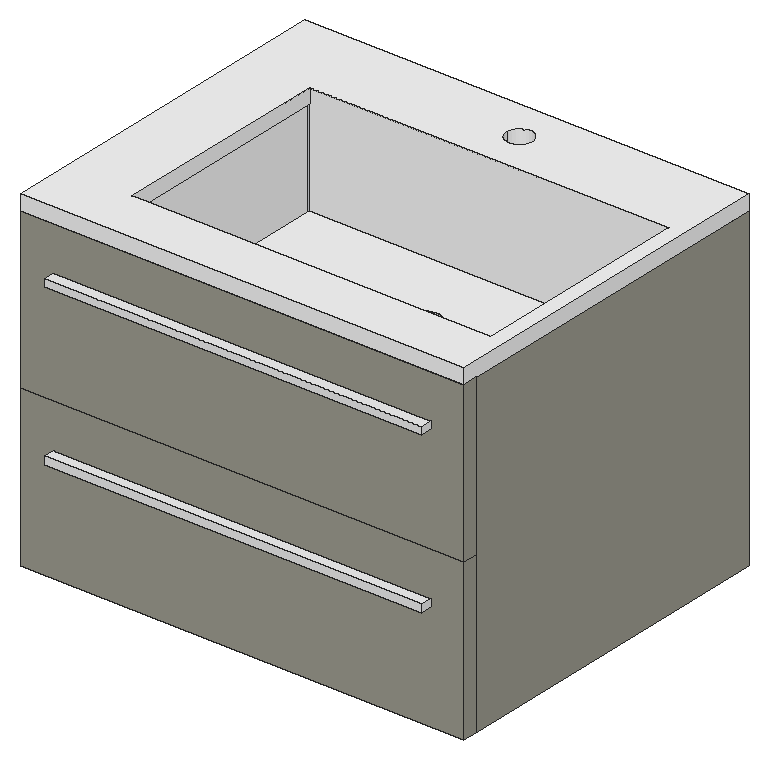
Revit family "MUEBLE SENSE 600 BRUSHED GREY", category Generic Models, Revit 2019
Family settings
  Can host rebar = No
  Round Connector Dimension = Use Diameter
  Part Type = Normal
  Work Plane-Based = No
  Always vertical = Yes
  Cut with Voids When Loaded = No
  Shared = No
  Room Calculation Point = No
Parameters (values of type "ORANS Mueble Orlando Fume (MFC 034) 060,5cm ancho")
  URL = ""
  Profundidad receptáculo = 150 mm
  Prof lavamanos = 300 mm
  Prof borde cub trasero = 110 mm
  Model = ""
  Material tirador = Acero semi pulido
  Material frentes = BLANCO
  Material cubierta = Loza blanco brillo
  Material costados = BLANCO
  Manufacturer = ""
  Largo = 800 mm
  Largo receptáculo = if(Largo = 605 mm, 426 mm, 460 mm)  # 460 mm
  Description = ""
  Ancho tirador = 600 mm
  Ancho borde cub = 155 mm
  Ancho = 480 mm
  Amcho borde cub [instance] = 70 mm
  Alto [instance] = 450 mm
  ANCHO BORDE CUB [instance] = 70 mm
Types (12, lengths in mm): name | Prof lavamanos | Prof borde cub trasero | Material frentes | Material costados | Largo | Largo receptáculo | Ancho tirador | Ancho borde cub | Ancho | Alto
  ORANS Mueble Orlando Fume (MFC 034) 060,5cm ancho | 300 | 110 | BLANCO | BLANCO | 800 | 460 | 600 | 155 | 480 | 450
  ORANS Mueble Orlando Fume (MFC 034) 070,5cm ancho | 275 | 115 | Fume (MFC 034) horizontal | Fume (MFC 034) vertical | 705 | 460 | 250 | 70 | 465 | 570
  ORANS Mueble Orlando Fume (MFC 034) 080,5cm ancho | 275 | 115 | Fume (MFC 034) horizontal | Fume (MFC 034) vertical | 805 | 460 | 250 | 70 | 465 | 570
  ORANS Mueble Orlando Fume (MFC 034) 100,5cm ancho | 275 | 115 | Fume (MFC 034) horizontal | Fume (MFC 034) vertical | 1050 | 460 | 250 | 70 | 465 | 570
  ORANS Mueble Orlando Haya Light (MFC 030) 060,5cm ancho | 275 | 115 | Haya Light (MFC 030) horizontal | Haya Light (MFC 030) vertical | 605 | 426 | 250 | 70 | 465 | 570
  ORANS Mueble Orlando Haya Light (MFC 030) 070,5cm ancho | 275 | 115 | Haya Light (MFC 030) horizontal | Haya Light (MFC 030) vertical | 705 | 460 | 250 | 70 | 465 | 570
  ORANS Mueble Orlando Haya Light (MFC 030) 080,5cm ancho | 275 | 115 | Haya Light (MFC 030) horizontal | Haya Light (MFC 030) vertical | 805 | 460 | 250 | 70 | 465 | 570
  ORANS Mueble Orlando Haya Light (MFC 030) 100,5cm ancho | 275 | 115 | Haya Light (MFC 030) horizontal | Haya Light (MFC 030) vertical | 1050 | 460 | 250 | 70 | 465 | 570
  ORANS Mueble Orlando Oak 1 (MFC 005) 060,5cm ancho | 275 | 115 | Oak1 (MFC 005) horizontal | Oak1 (MFC 005) vertical | 605 | 426 | 250 | 70 | 465 | 570
  ORANS Mueble Orlando Oak 1 (MFC 005) 070,5cm ancho | 275 | 115 | Oak1 (MFC 005) horizontal | Oak1 (MFC 005) vertical | 705 | 460 | 250 | 70 | 465 | 570
  ORANS Mueble Orlando Oak 1 (MFC 005) 080,5cm ancho | 275 | 115 | Oak1 (MFC 005) horizontal | Oak1 (MFC 005) vertical | 805 | 460 | 250 | 70 | 465 | 570
  ORANS Mueble Orlando Oak 1 (MFC 005) 100,5cm ancho | 275 | 115 | Oak1 (MFC 005) horizontal | Oak1 (MFC 005) vertical | 1050 | 460 | 250 | 70 | 465 | 570
Reference planes
  plane 1 "Center (Front/Back)": y = 0
  plane 2: z = 0
  plane 3 "Center (Left/Right)": x = 0
  plane 4: z = 430
  plane 5: z = 450
  plane 6: z = 215
Forms (mm)
  Extrusion 1, solid, material "Loza blanco brillo" <- "Material cubierta"
    sketch origin (0, 0, 0) x (1, 0, 0) y (0, 1, 0)
      loop
        line (-300, -480) -> (300, -480) -> (300, 0) -> (-300, 0) -> (-300, -480)
      loop
        line (-205, -110) -> (-205, -410) -> (280, -410) -> (280, -110) -> (-205, -110)
      loop
        circle (35, -55) r 17.5
    from 430 to 450
  Extrusion 2, solid, material "Loza blanco brillo" <- "Material cubierta"
    sketch origin (0, 0, 0) x (1, 0, 0) y (0, 1, 0)
      loop
        line (-205, -100) -> (-205, -420) -> (280, -420) -> (280, -100) -> (-205, -100)
      loop
        circle (35, -220) r 22.5
    from 290 to 430
  Extrusion 3, void
    sketch origin (0, 0, 0) x (1, 0, 0) y (0, 1, 0)
      loop
        line (-205, -110) -> (-205, -410) -> (280, -410) -> (280, -110) -> (-205, -110)
    from 300 to 430
  Extrusion 4, solid, material "BLANCO" <- "Material costados"
    sketch origin (0, 0, 0) x (1, 0, 0) y (0, 1, 0)
      loop
        line (-300, 0) -> (-300, -460) -> (-280.728, -460) -> (-280.728, 0) -> (-300, 0)
    from 0 to 430
  Extrusion 5, solid, material "BLANCO" <- "Material costados"
    sketch origin (590, 0, 0) x (1, 0, 0) y (0, 1, 0)
      loop
        line (-310, 0) -> (-310, -460) -> (-290, -460) -> (-290, 0) -> (-310, 0)
    from 0 to 430
  Extrusion 6, solid, material "BLANCO" <- "Material frentes"
    sketch origin (0, 0, 0) x (1, 0, 0) y (0, 0, 1)
      loop
        line (-300, 430) -> (-300, 215) -> (300, 215) -> (300, 430) -> (-300, 430)
    from 460 to 480
  Extrusion 7, solid, material "BLANCO" <- "Material frentes"
    sketch origin (0, 0, -200) x (1, 0, 0) y (0, 0, 1)
      loop
        line (-300, 415) -> (-300, 200) -> (300, 200) -> (300, 415) -> (-300, 415)
    from 460 to 480
  Extrusion 8, solid, material "Loza blanco brillo" <- "Material cubierta"
    sketch origin (0, 0, 0) x (1, 0, 0) y (0, 0, 1)
      loop
        line (-280.728, 300) -> (-280.728, 185) -> (280, 185) -> (280, 300) -> (-280.728, 300)
    from 450 to 460
  Extrusion 9, solid, material "Acero semi pulido"
    sketch origin (0, 0, 0) x (1, 0, 0) y (0, 0, 1)
      loop
        line (-255, 370) -> (-255, 360) -> (255, 360) -> (255, 370) -> (-255, 370)
    from 480 to 495.24
  Extrusion 10, solid, material "Acero semi pulido"
    sketch origin (0, 0, -215) x (1, 0, 0) y (0, 0, 1)
      loop
        line (-255, 370) -> (-255, 360) -> (255, 360) -> (255, 370) -> (-255, 370)
    from 480 to 495.24
  Extrusion 11, solid
    sketch origin (0, 0, 0) x (0, 1, 0) y (0, 0, 1)
      loop
        line (0, 430) -> (-20, 430) -> (-20, 20) -> (-460, 20) -> (-460, 0) -> (0, 0) -> (0, 430)
    from -280.728 to 280
Cuts and joins
  Extrusion 3 cuts Extrusion 2
  joined: Extrusion 1, Extrusion 2
Dimensions and locks
  locked: plane 5 to plane 4 at 20
  plane 5 to plane 4 = 20 mm
  "Alto": plane 5 to level
  locked: cut or joined group of Extrusion 1, Extrusion 2, Extrusion 3 to cut or joined group of Extrusion 1, Extrusion 2, Extrusion 3 at 140
  locked: cut or joined group of Extrusion 1, Extrusion 2, Extrusion 3 to cut or joined group of Extrusion 1, Extrusion 2, Extrusion 3 at 130
  equal spacing: plane 4, plane 6, level
  aligned and locked: Extrusion 1 sketch curve to plane 1 "Center (Front/Back)"
  aligned and locked: plane 5 to Extrusion 1
  aligned and locked: Extrusion 1 to plane 4
  aligned and locked: plane 4 to Extrusion 3
  aligned and locked: cut or joined group of Extrusion 1, Extrusion 2, Extrusion 3 to plane 1 "Center (Front/Back)"
  aligned and locked: cut or joined group of Extrusion 1, Extrusion 2, Extrusion 3 to plane 4
  aligned and locked: plane 4 to Extrusion 4
  aligned and locked: Extrusion 4 to plane 1 "Center (Front/Back)"
  aligned and locked: plane 4 to Extrusion 5
  aligned and locked: Extrusion 5 to level
  aligned and locked: Extrusion 5 to plane 4  (x2)
  aligned and locked: level to Extrusion 5  (x2)
  aligned and locked: Extrusion 4 to level
  aligned and locked: Extrusion 4 to plane 4  (x2)
  aligned and locked: plane 5 to cut or joined group of Extrusion 1, Extrusion 2, Extrusion 3
  aligned and locked: cut or joined group of Extrusion 1, Extrusion 2, Extrusion 3 to plane 5  (x2)
  aligned and locked: plane 4 to cut or joined group of Extrusion 1, Extrusion 2, Extrusion 3  (x2)
  aligned and locked: level to Extrusion 4
  aligned and locked: plane 6 to Extrusion 7
  aligned and locked: Extrusion 6 to plane 6
Automatic sketch dimensions
  plane 1 "Center (Front/Back)" to Extrusion 4 sketch curve = 0 mm
  plane 1 "Center (Front/Back)" to Extrusion 5 sketch curve = 0 mm
  Extrusion 6 sketch curve to plane 4 = 0 mm
  Extrusion 6 sketch curve to plane 6 = 0 mm
  Extrusion 7 sketch curve to level = 0 mm
  Extrusion 7 sketch curve to plane 6 = 0 mm
  Extrusion 8 sketch curve to plane 6 = 30 mm
  plane 6 to Extrusion 8 sketch curve = 85 mm
  Extrusion 9 sketch curve to plane 4 = 70 mm
  Extrusion 9 sketch curve to Extrusion 9 sketch curve = 10 mm
  Extrusion 10 sketch curve to plane 6 = 70 mm
  Extrusion 10 sketch curve to Extrusion 10 sketch curve = 10 mm
  Extrusion 1 sketch curve to plane 3 "Center (Left/Right)" = 205 mm
  Extrusion 1 sketch curve to Extrusion 1 sketch curve = 95 mm
  plane 3 "Center (Left/Right)" to Extrusion 1 sketch curve = 280 mm
  Extrusion 1 sketch curve to Extrusion 1 sketch curve = 20 mm
  Extrusion 2 sketch curve to plane 3 "Center (Left/Right)" = 205 mm
  plane 3 "Center (Left/Right)" to Extrusion 2 sketch curve = 280 mm
  Extrusion 3 sketch curve to plane 3 "Center (Left/Right)" = 205 mm
  plane 3 "Center (Left/Right)" to Extrusion 3 sketch curve = 280 mm
  Extrusion 4 sketch curve to plane 3 "Center (Left/Right)" = 300 mm
  Extrusion 4 sketch curve to Extrusion 4 sketch curve = 19.272 mm
  plane 3 "Center (Left/Right)" to Extrusion 5 sketch curve = 280 mm
  Extrusion 5 sketch curve to Extrusion 5 sketch curve = 20 mm
  Extrusion 6 sketch curve to plane 3 "Center (Left/Right)" = 300 mm
  plane 3 "Center (Left/Right)" to Extrusion 6 sketch curve = 300 mm
  Extrusion 7 sketch curve to plane 3 "Center (Left/Right)" = 300 mm
  plane 3 "Center (Left/Right)" to Extrusion 7 sketch curve = 300 mm
  Extrusion 8 sketch curve to plane 3 "Center (Left/Right)" = 280.728 mm
  plane 3 "Center (Left/Right)" to Extrusion 8 sketch curve = 280 mm
  Extrusion 9 sketch curve to plane 3 "Center (Left/Right)" = 255 mm
  plane 3 "Center (Left/Right)" to Extrusion 9 sketch curve = 255 mm
  Extrusion 10 sketch curve to plane 3 "Center (Left/Right)" = 255 mm
  plane 3 "Center (Left/Right)" to Extrusion 10 sketch curve = 255 mm
  plane 1 "Center (Front/Back)" to Extrusion 1 sketch curve = 55 mm
  plane 1 "Center (Front/Back)" to Extrusion 1 sketch curve = 110 mm
  Extrusion 1 sketch curve to Extrusion 1 sketch curve = 300 mm
  Extrusion 1 sketch curve to Extrusion 1 sketch curve = 70 mm
  plane 1 "Center (Front/Back)" to Extrusion 2 sketch curve = 420 mm
  plane 1 "Center (Front/Back)" to Extrusion 2 sketch curve = 220 mm
  plane 1 "Center (Front/Back)" to Extrusion 2 sketch curve = 100 mm
  plane 1 "Center (Front/Back)" to Extrusion 3 sketch curve = 410 mm
  plane 1 "Center (Front/Back)" to Extrusion 3 sketch curve = 110 mm
  plane 1 "Center (Front/Back)" to Extrusion 4 sketch curve = 460 mm
  plane 1 "Center (Front/Back)" to Extrusion 5 sketch curve = 460 mm
  Extrusion 11 sketch curve to level = 0 mm
  Extrusion 11 sketch curve to plane 4 = 0 mm
  Extrusion 11 sketch curve to plane 1 "Center (Front/Back)" = 0 mm
  plane 1 "Center (Front/Back)" to Extrusion 11 sketch curve = 20 mm
  Extrusion 11 sketch curve to Extrusion 11 sketch curve = 440 mm
  level to Extrusion 11 sketch curve = 20 mm
  plane 3 "Center (Left/Right)" to Extrusion 1 sketch curve = 35 mm
  plane 3 "Center (Left/Right)" to Extrusion 2 sketch curve = 35 mm
  radius of Extrusion 1 sketch curve = 17.5 mm
  radius of Extrusion 2 sketch curve = 22.5 mm
